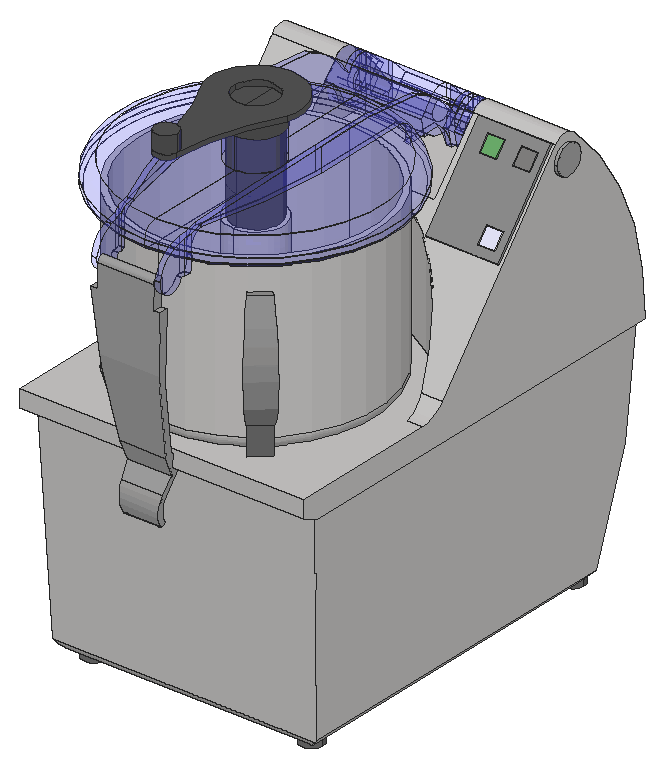
Revit family "QF_DITOSAMA_600445_DK55Y2V", category Specialty Equipment, Revit 2018
Family settings
  Round Connector Dimension = Use Diameter
  Part Type = Normal
  Work Plane-Based = No
  Always vertical = Yes
  Cut with Voids When Loaded = No
  Shared = No
  Room Calculation Point = No
Parameters (values of type "QF_DITO SAMA_600445_DK55Y2V")
  Weight = 22.00 kg
  Watts = 0 W
  Volts = 380 V
  URL Manufacturer = "http://www.ditosama.com"
  URL = "http://www.ditosama.com"
  Steam Supply Size = 0 mm
  Steam Supply Minimum Pressure = 0.0 Pa
  Steam Supply Maximum Pressure = 0.0 Pa
  Steam Pounds per Hour = 0
  Refrigeration Suction Line Size = 0 mm
  Refrigeration Liquid Line Size = 0 mm
  Refrigerant Compressor Remote = yes
  Manufacturer = "Dito Sama"
  Phase = 3
  Model = "DK55Y2V"
  Length Actual = 256.0 mm  # constant formula
  Item Number = "600445"
  Hot Water Size = 0 mm
  Height Actual = 482.0 mm  # constant formula
  HP = "1.3 HP"
  Gas Size = 0 mm
  Gas KW = 0
  Gas Input Pressure = 0 W
  Direct Waste Size = 0 mm
  Description = "CUTTER-MIXER 5.5L-MICROTOOTHED BLADE-2 SPEED-1000W-380-440/3/50-60"
  Depth Actual = 415.0 mm  # constant formula
  Cycle = 60 Hz
  Condensate Return Size = 0 mm
  Compressed Air Volume = 0.0 L/s
  Compressed Air Size = 0 mm
  Compressed Air Pressure = 0.0 Pa
  Cold Water Size = 0 mm
  Accessory = yes
Reference planes
  plane 1 "Center (Front/Back)": y = 0
  plane 2: z = 0
  plane 3 "Center (Left/Right)": x = 0
  plane 4 "BASE": z = 6
  plane 5 "TOP": z = 685
  plane 6 "FRONT": y = -207.5
  plane 7 "BACK": y = 207.5
  plane 8 "LEFT": x = -128
  plane 9 "RIGHT": x = 128
  plane 10 "CenterX": x = -10
  plane 11 "Maniglia": through (-10, -59.177, 4000) normal (0.766, 0.6428, 0)
  plane 12 "Panel": through (4267.2, 107.252, 388.448) normal (0, 0.766, -0.6428)
  plane 13: z = 470
Forms (mm)
  Extrusion 1, solid, material "QF_Finishes_Stainless Steel"
    sketch origin (0, 0, 0) x (0, 1, 0) y (0, 0, 1)
      loop
        arc (155.897, 6) -> (160.37, 10.596) -> (163.359, 16.27) r 22.417
        arc (163.359, 16.27) -> (192.273, 107.896) -> (201.98, 203.483) r 470.678
        line (201.98, 203.483) -> (-161.42, 203.483)
        arc (-161.42, 203.483) -> (-159.547, 108.877) -> (-151.391, 14.604) r 1423.016
        arc (-151.391, 14.604) -> (-146.603, 8.365) -> (-139.103, 6) r 13.076
        line (-139.103, 6) -> (155.897, 6)
    from -128 to 128
  Extrusion 2, void
    sketch origin (0, -207.5, 0) x (-1, 0, 0) y (0, 0, 1)
      loop
        line (128, 203.483) -> (125, 203.483) -> (119.389, 16.27) -> (109.119, 6) -> (128, 6) -> (128, 203.483)
      loop
        line (-128, 203.483) -> (-128, 6) -> (-109.119, 6) -> (-119.389, 16.27) -> (-125, 203.483) -> (-128, 203.483)
    from 14.374 to 435.947
  Extrusion 3, solid, material "QF_Finishes_Stainless Steel"
    sketch origin (0, 0, 0) x (0, 1, 0) y (0, 0, 1)
      loop
        arc (207.5, 203.483) -> (187.745, 305.45) -> (127.203, 389.844) r 242.898
        arc (127.203, 389.844) -> (116.931, 393.38) -> (107.252, 388.448) r 13.902
        line (107.252, 388.448) -> (-20.106, 236.67)
        arc (-20.106, 236.67) -> (-30.264, 228.875) -> (-42.764, 226.104) r 29.578
        line (-42.764, 226.104) -> (-177.764, 226.104) -> (-177.764, 211.104) -> (-161.42, 203.483) -> (207.5, 203.483)
    from -128 to 128
  Extrusion 4, void
    sketch origin (0, -207.5, 0) x (-1, 0, 0) y (0, 0, 1)
      loop
        line (-53.607, 393.414) -> (-53.607, 336.684) -> (71.073, 336.684) -> (71.073, 393.414) -> (-53.607, 393.414)
    from 255.469 to 415
  Revolve 5, solid, material "QF_Plastic-Black"
    sketch origin (-10, 0, 0) x (0, -1, 0) y (0, 0, 1)
      loop
        line (59.177, 450.527) -> (28.516, 450.527) -> (35.424, 443.619) -> (35.424, 430.527) -> (38.194, 430.527) -> (38.194, 356.104) -> (59.177, 356.104) -> (59.177, 450.527)
      axis (59.177, 356.104) -> (59.177, 450.527)
    angle from 0 to 360
  Extrusion 6, solid, material "QF_Plastic-Black"
    sketch origin (0, 0, 0) x (1, 0, 0) y (0, 1, 0)
      loop
        arc (-48.167, -71.147) -> (-28.951, -114.517) -> (-19.956, -161.093) r 210.055
        arc (-19.956, -161.093) -> (-10, -170.155) -> (-0.044, -161.093) r 10
        arc (-0.044, -161.093) -> (8.951, -114.517) -> (28.167, -71.147) r 210.055
        arc (28.167, -71.147) -> (-10, -19.177) -> (-48.167, -71.147) r 40
    from 450.5 to 455
  Extrusion 7, solid, material "QF_Plastic-Black"
    sketch origin (0, 0, 0) x (1, 0, 0) y (0, 1, 0)
      loop
        circle (-10, -160.155) r 10
    from 455 to 470
  Extrusion 8, void
    sketch origin (0, 0, 0) x (1, 0, 0) y (0, 1, 0)
      loop
        circle (-10, -59.177) r 19
    from 427.6 to 472.8
  Extrusion 9, void
    sketch origin (0, 0, 0) x (1, 0, 0) y (0, 1, 0)
      loop
        arc (115, -59.177) -> (-10, 65.823) -> (-135, -59.177) r 125
        line (-135, -59.177) -> (115, -59.177)
    from 226.104 to 336.684
  Extrusion 10, void
    sketch origin (-20, 0, 0) x (-1, 0, 0) y (0, -1, 0)
      loop
        line (16.15, 177.864) -> (16.15, -123.86) -> (35.771, -123.86) -> (35.771, 48.192)
        arc (35.771, 48.192) -> (30.047, 105.502) -> (17.781, 161.776) r 500.876
        line (17.781, 161.776) -> (17.781, 171.776) -> (16.15, 177.864)
      loop
        line (40.771, -123.86) -> (45.852, -123.86) -> (45.852, 210.681) -> (21.15, 210.681) -> (21.15, 178.522) -> (22.781, 172.434) -> (22.781, 162.459)
        arc (22.781, 162.459) -> (35.047, 105.893) -> (40.771, 48.297) r 505.876
        line (40.771, 48.297) -> (40.771, -123.86)
    from 350.345 to 477.521
  Extrusion 11, solid, material "Glass"
    sketch origin (-20, 0, 0) x (0, 1, 0) y (0, 0, -1)
      loop
        line (-173.064, -369.647) -> (-181.303, -369.647)
        arc (-181.303, -369.647) -> (-196.341, -361.818) -> (-205.451, -376.117) r 12.548
        arc (-205.451, -376.117) -> (-199.87, -388.651) -> (-189.058, -397.099) r 28.357
        arc (-189.058, -397.099) -> (-65.868, -423.241) -> (59.99, -418.888) r 518.061
        arc (59.99, -418.888) -> (85.116, -404.522) -> (104.437, -382.973) r 90.696
        arc (104.437, -382.973) -> (113.885, -392.821) -> (127.203, -389.844) r 13.902
        arc (127.203, -389.844) -> (135.322, -382.188) -> (143.082, -374.167) r 242.898
        line (143.082, -374.167) -> (137.378, -368.464)
        arc (137.378, -368.464) -> (123.613, -353.84) -> (104.088, -358.543) r 20
        line (104.088, -358.543) -> (99.34, -358.543)
        arc (99.34, -358.543) -> (94.194, -371.609) -> (85.823, -382.884) r 53.446
        line (85.823, -382.884) -> (50.823, -382.884)
        arc (50.823, -382.884) -> (52.796, -383.701) -> (53.614, -385.674) r 2.79
        line (53.614, -385.674) -> (53.614, -390.892)
        arc (53.614, -390.892) -> (50.154, -399.244) -> (41.802, -402.703) r 11.812
        line (41.802, -402.703) -> (-160.307, -402.703)
        arc (-160.307, -402.703) -> (-168.659, -399.244) -> (-172.119, -390.892) r 11.812
        line (-172.119, -390.892) -> (-172.119, -385.826)
        arc (-172.119, -385.826) -> (-171.728, -384.361) -> (-170.659, -383.285) r 2.942
        line (-170.659, -383.285) -> (-173.064, -369.647)
      loop
        circle (117.901, -373.007) r 9.416
    from 16.15 to 45.852
  Extrusion 12, solid, material "Glass"
    sketch origin (0, 0, 0) x (0, 1, 0) y (0, 0, 1)
      loop
        line (137.378, 368.464) -> (143.082, 374.167)
        arc (143.082, 374.167) -> (135.322, 382.188) -> (127.203, 389.844) r 242.898
        arc (127.203, 389.844) -> (116.931, 393.38) -> (107.252, 388.448) r 13.902
        line (107.252, 388.448) -> (95.766, 374.76)
        arc (95.766, 374.76) -> (97.862, 366.72) -> (99.34, 358.543) r 108.872
        line (99.34, 358.543) -> (104.088, 358.543)
        arc (104.088, 358.543) -> (123.613, 353.84) -> (137.378, 368.464) r 20
      loop
        circle (117.901, 373.007) r 9.416
    from -71.073 to 53.607
  Extrusion 13, solid, material "QF_Finishes_Gray"
    sketch origin (0, 0, 0) x (0, 1, 0) y (0, 0, 1)
      loop
        arc (-182.273, 168.111) -> (-185.377, 178.111) -> (-182.273, 188.111) r 17.658
        line (-182.273, 188.111) -> (-169.592, 207.294) -> (-177.764, 211.104) -> (-177.764, 222.201) -> (-180.378, 224.815)
        arc (-180.378, 224.815) -> (-194.973, 298.318) -> (-196.805, 373.235) r 437.299
        arc (-196.805, 373.235) -> (-201.296, 377.726) -> (-205.788, 373.235) r 4.491
        arc (-205.788, 373.235) -> (-201.07, 296.739) -> (-185.461, 221.705) r 534.528
        line (-185.461, 221.705) -> (-177.764, 203.503) -> (-186.394, 190.943)
        arc (-186.394, 190.943) -> (-190.377, 178.111) -> (-186.394, 165.28) r 22.658
        arc (-186.394, 165.28) -> (-182.917, 164.635) -> (-182.273, 168.111) r 2.5
    from -49.646 to 27.326
  Extrusion 14, void
    sketch origin (0, -207.5, 0) x (-1, 0, 0) y (0, 0, 1)
      loop
        line (-15.15, 396.938) -> (-47.326, 396.938) -> (-47.326, 161.938) -> (-5.366, 161.938) -> (-20.516, 351.652) -> (-15.15, 351.652) -> (-15.15, 396.938)
      loop
        line (26.963, 161.938) -> (77.918, 161.938) -> (77.918, 396.938) -> (35.15, 396.938) -> (35.15, 351.652) -> (42.113, 351.652) -> (26.963, 161.938)
    from 46.08 to -69.339
  Extrusion 15, solid, material "Glass"
    sketch origin (0, 0, 0) x (0, 1, 0) y (0, 0, 1)
      loop
        line (-173.064, 369.647) -> (-170.659, 383.285)
        arc (-170.659, 383.285) -> (-171.728, 384.361) -> (-172.119, 385.826) r 2.942
        line (-172.119, 385.826) -> (-172.119, 390.892)
        arc (-172.119, 390.892) -> (-168.659, 399.244) -> (-160.307, 402.703) r 11.812
        line (-160.307, 402.703) -> (41.802, 402.703)
        arc (41.802, 402.703) -> (50.154, 399.244) -> (53.614, 390.892) r 11.812
        line (53.614, 390.892) -> (53.614, 385.674)
        arc (53.614, 385.674) -> (52.796, 383.701) -> (50.823, 382.884) r 2.79
        line (50.823, 382.884) -> (85.823, 382.884)
        arc (85.823, 382.884) -> (94.194, 371.609) -> (99.34, 358.543) r 53.446
        line (99.34, 358.543) -> (104.088, 358.543)
        arc (104.088, 358.543) -> (123.613, 353.84) -> (137.378, 368.464) r 20
        line (137.378, 368.464) -> (143.082, 374.167)
        arc (143.082, 374.167) -> (135.322, 382.188) -> (127.203, 389.844) r 242.898
        arc (127.203, 389.844) -> (113.885, 392.821) -> (104.437, 382.973) r 13.902
        arc (104.437, 382.973) -> (85.116, 404.522) -> (59.99, 418.888) r 90.696
        arc (59.99, 418.888) -> (-65.868, 423.241) -> (-189.058, 397.099) r 518.061
        arc (-189.058, 397.099) -> (-199.87, 388.651) -> (-205.451, 376.117) r 28.357
        arc (-205.451, 376.117) -> (-196.341, 361.818) -> (-181.303, 369.647) r 12.548
        line (-181.303, 369.647) -> (-173.064, 369.647)
      loop
        circle (117.901, 373.007) r 9.416
    from 16.15 to 45.852
  Extrusion 16, void
    sketch origin (0, 0, 0) x (1, 0, 0) y (0, 1, 0)
      loop
        line (16.15, -177.864) -> (17.781, -171.776) -> (17.781, -161.776)
        arc (17.781, -161.776) -> (30.047, -105.502) -> (35.771, -48.192) r 500.876
        line (35.771, -48.192) -> (35.771, 123.86) -> (16.15, 123.86) -> (16.15, -177.864)
      loop
        line (40.771, 123.86) -> (40.771, -48.297)
        arc (40.771, -48.297) -> (35.047, -105.893) -> (22.781, -162.459) r 505.876
        line (22.781, -162.459) -> (22.781, -172.434) -> (21.15, -178.522) -> (21.15, -210.681) -> (45.852, -210.681) -> (45.852, 123.86) -> (40.771, 123.86)
    from 350.345 to 477.521
  Revolve 17, solid, material "Glass"
    sketch origin (-10, 0, -40) x (0, -1, 0) y (0, 0, 1)
      loop
        line (38.194, 422.884) -> (38.194, 470.527) -> (35.424, 470.527) -> (35.424, 442.703) -> (-53.802, 442.703)
        arc (-53.802, 442.703) -> (-62.213, 439.268) -> (-65.732, 430.892) r 11.871
        line (-65.732, 430.892) -> (-65.732, 425.793)
        arc (-65.732, 425.793) -> (-64.88, 423.736) -> (-62.823, 422.884) r 2.909
        line (-62.823, 422.884) -> (38.194, 422.884)
      axis (59.177, 422.884) -> (59.177, 470.527)
    angle from 0 to 360
  Revolve 18, solid, material "QF_Metal-Stainless-Polished"
    sketch origin (-10, 0, 0) x (0, -1, 0) y (0, 0, 1)
      loop
        line (169.177, 382.884) -> (164.177, 382.884) -> (164.177, 237.884)
        arc (164.177, 237.884) -> (162.191, 233.09) -> (157.397, 231.104) r 6.78
        line (157.397, 231.104) -> (84.177, 231.104) -> (84.177, 356.104) -> (79.177, 356.104) -> (79.177, 226.104) -> (157.397, 226.104)
        arc (157.397, 226.104) -> (165.726, 229.554) -> (169.177, 237.884) r 11.78
        line (169.177, 237.884) -> (169.177, 382.884)
      axis (59.177, 382.884) -> (59.177, 226.104)
    angle from 0 to 360
  Extrusion 19, solid, material "QF_Plastic-Gray-Matte"
    sketch origin (-49.423, -13.925, 0) x (0.634002, 0.773331, 0) y (-0.773331, 0.634002, 0)
      loop
        line (-55.497, -222.333) -> (-26.468, -227.794) -> (-20.635, -161.119)
        arc (-20.635, -161.119) -> (-28.727, -159.898) -> (-36.729, -158.185) r 133.529
        line (-36.729, -158.185) -> (-55.497, -222.333)
    from 226.104 to 356.104
  Revolve 20, void
    sketch origin (-35.007, -29.374, 0) x (-0.642788, 0.766044, 0) y (0, 0, 1)
      loop
        arc (-155.215, 337.579) -> (-171.344, 302.579) -> (-155.215, 267.579) r 46.04
        line (-155.215, 267.579) -> (-147.754, 267.579) -> (-147.754, 337.579) -> (-155.215, 337.579)
      loop
        line (-155.215, 356.104) -> (-147.754, 356.104) -> (-147.754, 361.761) -> (-215.215, 361.761) -> (-215.215, 226.104) -> (-147.754, 226.104) -> (-147.754, 256.485) -> (-163.93, 256.485)
        arc (-163.93, 256.485) -> (-184.453, 308.471) -> (-155.215, 356.104) r 62.537
      axis (10, 361.761) -> (10, 226.104)
    angle from -8.217 to 8.652
  Extrusion 21, solid, material "QF_Finishes_Rubber Black"
    sketch origin (0, 0, 0) x (1, 0, 0) y (0, 1, 0)
      loop
        arc (57.446, -154.071) -> (64.931, -148.135) -> (72.061, -141.775) r 165.215
        line (72.061, -141.775) -> (66.401, -136.116)
        arc (66.401, -136.116) -> (59.824, -141.977) -> (52.928, -147.46) r 157.215
        line (52.928, -147.46) -> (57.446, -154.071)
    from 226.104 to 256.485
  Extrusion 22, solid, material "QF_Plastic-Gray-Matte"
    sketch origin (0, -128.336, 107.686) x (0, 0.642788, 0.766044) y (1, 0, 0)
      loop
        line (366.07, 59.066) -> (366.07, 124.8) -> (272.743, 124.8) -> (272.743, 59.066) -> (366.07, 59.066)
      loop
        line (356.63, 102.599) -> (356.63, 117.599) -> (341.63, 117.599) -> (341.63, 102.599) -> (356.63, 102.599)
      loop
        line (295.63, 102.599) -> (295.63, 117.599) -> (280.63, 117.599) -> (280.63, 102.599) -> (295.63, 102.599)
      loop
        line (356.63, 72.599) -> (356.63, 87.599) -> (341.63, 87.599) -> (341.63, 72.599) -> (356.63, 72.599)
    from -1 to 0.6
  Extrusion 23, solid, material "QF_Finishes_Red"
    sketch origin (0, -128.336, 107.686) x (0, 0.642788, 0.766044) y (1, 0, 0)
      loop
        line (356.63, 102.599) -> (356.63, 117.599) -> (341.63, 117.599) -> (341.63, 102.599) -> (356.63, 102.599)
    from -1 to 0.6
  Extrusion 24, solid, material "QF_Finishes_Green"
    sketch origin (-27.396, -127.834, 108.284) x (0, 0.642788, 0.766044) y (1, 0, 0)
      loop
        line (355.85, 99.994) -> (355.85, 114.994) -> (340.786, 114.994) -> (340.786, 99.994) -> (355.85, 99.994)
    from -1 to 0.6
  Extrusion 25, solid, material "QF_Plastic-White-Matte"
    sketch origin (0, -167.546, 60.958) x (0, 0.642788, 0.766044) y (1, 0, 0)
      loop
        line (356.63, 102.599) -> (356.63, 117.599) -> (341.63, 117.599) -> (341.63, 102.599) -> (356.63, 102.599)
    from -1 to 0.6
  Extrusion 26, solid, material "QF_Finishes_Stainless Steel"
    sketch origin (0, 207.5, 0) x (-1, 0, 0) y (0, 0, 1)
      loop
        circle (0, 202) r 10.353
    from -6.2 to 3
  Revolve 27, solid, material "QF_Door-Drawer Clearances", detail levels coarse
    sketch origin (-10, -221.856, 479.549) x (0, 0, 1) y (0, 1, 0)
      loop
        line (59.177, 490.527) -> (28.516, 490.527) -> (35.424, 483.619) -> (35.424, 470.527) -> (38.194, 470.527) -> (38.194, 442.703) -> (59.177, 442.703) -> (59.177, 490.527)
      axis (59.177, 442.703) -> (59.177, 490.527)
    angle from 0 to 360
  Extrusion 28, solid, material "QF_Door-Drawer Clearances", detail levels coarse
    sketch origin (0, -221.856, 479.549) x (1, 0, 0) y (0, 0, -1)
      loop
        arc (-48.167, -71.147) -> (-28.951, -114.517) -> (-19.956, -161.093) r 210.055
        arc (-19.956, -161.093) -> (-10, -170.155) -> (-0.044, -161.093) r 10
        arc (-0.044, -161.093) -> (8.951, -114.517) -> (28.167, -71.147) r 210.055
        arc (28.167, -71.147) -> (-10, -19.177) -> (-48.167, -71.147) r 40
    from 490.527 to 495.013
  Extrusion 29, solid, material "QF_Door-Drawer Clearances", detail levels coarse
    sketch origin (0, -221.856, 479.549) x (1, 0, 0) y (0, 0, -1)
      loop
        circle (-10, -160.155) r 10
    from 495.013 to 510.592
  Extrusion 30, void
    sketch origin (-20, -221.856, 479.359) x (-1, 0, 0) y (0, 0, 1)
      loop
        line (16.15, 177.864) -> (16.15, -123.86) -> (35.771, -123.86) -> (35.771, 48.192)
        arc (35.771, 48.192) -> (30.047, 105.502) -> (17.781, 161.776) r 500.876
        line (17.781, 161.776) -> (17.781, 171.776) -> (16.15, 177.864)
      loop
        line (40.771, -123.86) -> (45.852, -123.86) -> (45.852, 210.681) -> (21.15, 210.681) -> (21.15, 178.522) -> (22.781, 172.434) -> (22.781, 162.459)
        arc (22.781, 162.459) -> (35.047, 105.893) -> (40.771, 48.297) r 505.876
        line (40.771, 48.297) -> (40.771, -123.86)
    from 350.345 to 477.521
  Extrusion 31, solid, material "QF_Door-Drawer Clearances", detail levels coarse
    sketch origin (-20, -221.856, 479.359) x (0, 0, -1) y (0, -1, 0)
      loop
        line (-173.064, -409.647) -> (-181.303, -409.647)
        arc (-181.303, -409.647) -> (-196.341, -401.818) -> (-205.451, -416.117) r 12.548
        arc (-205.451, -416.117) -> (-199.87, -428.651) -> (-189.058, -437.099) r 28.357
        arc (-189.058, -437.099) -> (-65.868, -463.241) -> (59.99, -458.888) r 518.061
        arc (59.99, -458.888) -> (92.246, -438.11) -> (113.023, -405.855) r 90.696
        arc (113.023, -405.855) -> (114.903, -399.662) -> (115.972, -393.28) r 50.278
        arc (115.972, -393.28) -> (121.968, -392.806) -> (127.203, -389.844) r 13.902
        arc (127.203, -389.844) -> (129.309, -387.924) -> (131.393, -385.98) r 242.898
        arc (131.393, -385.98) -> (114.739, -373.307) -> (99.238, -359.247) r 242.898
        arc (99.238, -359.247) -> (87.934, -393.903) -> (65.823, -422.884) r 108.872
        line (65.823, -422.884) -> (50.823, -422.884)
        arc (50.823, -422.884) -> (52.796, -423.701) -> (53.614, -425.674) r 2.79
        line (53.614, -425.674) -> (53.614, -430.892)
        arc (53.614, -430.892) -> (50.154, -439.244) -> (41.802, -442.703) r 11.812
        line (41.802, -442.703) -> (-160.307, -442.703)
        arc (-160.307, -442.703) -> (-168.659, -439.244) -> (-172.119, -430.892) r 11.812
        line (-172.119, -430.892) -> (-172.119, -425.826)
        arc (-172.119, -425.826) -> (-171.728, -424.361) -> (-170.659, -423.285) r 2.942
        line (-170.659, -423.285) -> (-173.064, -409.647)
    from 16.15 to 45.852
  Extrusion 32, void
    sketch origin (0, -221.856, 479.359) x (1, 0, 0) y (0, 0, -1)
      loop
        line (16.15, -177.864) -> (17.781, -171.776) -> (17.781, -161.776)
        arc (17.781, -161.776) -> (30.047, -105.502) -> (35.771, -48.192) r 500.876
        line (35.771, -48.192) -> (35.771, 123.86) -> (16.15, 123.86) -> (16.15, -177.864)
      loop
        line (40.771, 123.86) -> (40.771, -48.297)
        arc (40.771, -48.297) -> (35.047, -105.893) -> (22.781, -162.459) r 505.876
        line (22.781, -162.459) -> (22.781, -172.434) -> (21.15, -178.522) -> (21.15, -210.681) -> (45.852, -210.681) -> (45.852, 123.86) -> (40.771, 123.86)
    from 350.345 to 477.521
  Extrusion 33, solid, material "QF_Door-Drawer Clearances", detail levels coarse
    sketch origin (0, -221.856, 479.359) x (0, 0, -1) y (0, 1, 0)
      loop
        line (-173.064, 409.647) -> (-170.659, 423.285)
        arc (-170.659, 423.285) -> (-171.728, 424.361) -> (-172.119, 425.826) r 2.942
        line (-172.119, 425.826) -> (-172.119, 430.892)
        arc (-172.119, 430.892) -> (-168.659, 439.244) -> (-160.307, 442.703) r 11.812
        line (-160.307, 442.703) -> (41.802, 442.703)
        arc (41.802, 442.703) -> (50.154, 439.244) -> (53.614, 430.892) r 11.812
        line (53.614, 430.892) -> (53.614, 425.674)
        arc (53.614, 425.674) -> (52.796, 423.701) -> (50.823, 422.884) r 2.79
        line (50.823, 422.884) -> (65.823, 422.884)
        arc (65.823, 422.884) -> (87.934, 393.903) -> (99.238, 359.247) r 108.872
        arc (99.238, 359.247) -> (114.739, 373.307) -> (131.393, 385.98) r 242.898
        arc (131.393, 385.98) -> (129.309, 387.924) -> (127.203, 389.844) r 242.898
        arc (127.203, 389.844) -> (121.968, 392.806) -> (115.972, 393.28) r 13.902
        arc (115.972, 393.28) -> (114.903, 399.662) -> (113.023, 405.855) r 50.278
        arc (113.023, 405.855) -> (92.246, 438.11) -> (59.99, 458.888) r 90.696
        arc (59.99, 458.888) -> (-65.868, 463.241) -> (-189.058, 437.099) r 518.061
        arc (-189.058, 437.099) -> (-199.87, 428.651) -> (-205.451, 416.117) r 28.357
        arc (-205.451, 416.117) -> (-196.341, 401.818) -> (-181.303, 409.647) r 12.548
        line (-181.303, 409.647) -> (-173.064, 409.647)
    from 16.15 to 45.852
  Revolve 34, solid, material "QF_Door-Drawer Clearances", detail levels coarse
    sketch origin (-10, -221.856, 479.549) x (0, 0, 1) y (0, 1, 0)
      loop
        line (38.194, 422.884) -> (38.194, 470.527) -> (35.424, 470.527) -> (35.424, 442.703) -> (-53.802, 442.703)
        arc (-53.802, 442.703) -> (-62.213, 439.268) -> (-65.732, 430.892) r 11.871
        line (-65.732, 430.892) -> (-65.732, 425.793)
        arc (-65.732, 425.793) -> (-64.88, 423.736) -> (-62.823, 422.884) r 2.909
        line (-62.823, 422.884) -> (38.194, 422.884)
      axis (59.177, 422.884) -> (59.177, 470.527)
    angle from 0 to 360
  Extrusion 35, solid, material "QF_Finishes_Rubber Black"
    sketch origin (0, 0, 0) x (1, 0, 0) y (0, 1, 0)
      loop
        circle (-98.592, 163.359) r 10
      loop
        circle (-98.592, -131.641) r 10
      loop
        circle (98.592, 163.359) r 10
      loop
        circle (98.592, -131.641) r 10
    from 0 to 6
  Extrusion 36, solid, material "QF_Finishes_Gray"
    sketch origin (0, 0, 0) x (0, 1, 0) y (0, 0, 1)
      loop
        circle (117.901, 373.007) r 13.005
    from 131.516 to 128
  Extrusion 37, solid, material "QF_Finishes_Gray"
    sketch origin (0, 0, 0) x (0, 1, 0) y (0, 0, -1)
      loop
        circle (117.901, -373.007) r 13.005
    from 131.516 to 128
Cuts and joins
  Extrusion 2, Extrusion 8, Extrusion 9 cuts Extrusion 1
  Extrusion 4, Extrusion 9 cuts Extrusion 3
  Extrusion 8 cuts Extrusion 6
  Extrusion 10, Extrusion 16, Extrusion 30, Extrusion 32 cuts Extrusion 11
  Extrusion 14, Extrusion 16, Extrusion 30 cuts Extrusion 13
  Extrusion 16, Extrusion 30, Extrusion 32 cuts Extrusion 12
  Extrusion 16 cuts Extrusion 15
  Revolve 20 cuts Extrusion 19
  Extrusion 30 cuts Revolve 17
  Extrusion 30 cuts Revolve 18
  Extrusion 30, Extrusion 32 cuts Extrusion 31
  Extrusion 32 cuts Extrusion 33
Lines and regions (mm)
  symbolic lines
    curve 1: arc (-10, -172.155, 0) -> (3.999, -171.284, 0) -> (17.781, -168.686, 0) r 112.979
    curve 2: arc (-10, -184.085, 0) -> (-23.148, -183.391, 0) -> (-36.15, -181.317, 0) r 124.909
    curve 3: line (128, -157.764, 0) -> (128, 187.57, 0)
    curve 4: line (124.8, 106.204, 0) -> (59.066, 106.204, 0)
    curve 5: line (102.599, 90.494, 0) -> (117.599, 90.494, 0)
    curve 6: line (117.599, 62.151, 0) -> (102.599, 62.151, 0)
    curve 7: line (102.599, 51.284, 0) -> (117.599, 51.284, 0)
    curve 8: line (102.599, 62.151, 0) -> (102.599, 51.284, 0)
    curve 9: line (117.599, 51.284, 0) -> (117.599, 62.151, 0)
    curve 10: line (117.599, 90.494, 0) -> (117.599, 101.361, 0)
    curve 11: line (102.599, 101.361, 0) -> (102.599, 90.494, 0)
    curve 12: arc (-0.044, -161.093, 0) -> (8.951, -114.517, 0) -> (28.167, -71.147, 0) r 210.055
    curve 13: arc (28.167, -71.147, 0) -> (-10, -19.177, 0) -> (-48.167, -71.147, 0) r 40
    curve 14: arc (-48.167, -71.147, 0) -> (-28.951, -114.517, 0) -> (-19.956, -161.093, 0) r 210.055
    curve 15: arc (-19.956, -161.093, 0) -> (-10, -170.155, 0) -> (-0.044, -161.093, 0) r 10
    curve 16: arc (0, -160.155, 0) -> (-10, -150.155, 0) -> (-20, -160.155, 0) r 10
    curve 17: arc (-55.771, -48.192, 0) -> (-50.047, -105.502, 0) -> (-37.781, -161.776, 0) r 500.876
    curve 18: arc (-42.781, -162.459, 0) -> (-55.047, -105.893, 0) -> (-60.771, -48.297, 0) r 505.876
    curve 19: line (-55.771, 123.86, 0) -> (-55.771, -48.192, 0)
    curve 20: line (-60.771, -48.297, 0) -> (-60.771, 123.86, 0)
    curve 21: line (40.771, 123.86, 0) -> (40.771, -48.297, 0)
    curve 22: line (35.771, -48.192, 0) -> (35.771, 123.86, 0)
    curve 23: arc (40.771, -48.297, 0) -> (35.047, -105.893, 0) -> (22.781, -162.459, 0) r 505.876
    curve 24: arc (17.781, -161.776, 0) -> (30.047, -105.502, 0) -> (35.771, -48.192, 0) r 500.876
    curve 25: line (22.781, -162.459, 0) -> (22.781, -172.434, 0)
    curve 26: line (17.781, -171.776, 0) -> (17.781, -161.776, 0)
    curve 27: line (16.15, -177.864, 0) -> (17.781, -171.776, 0)
    curve 28: line (22.781, -172.434, 0) -> (21.15, -178.522, 0)
    curve 29: line (21.15, -178.522, 0) -> (21.15, -205.641, 0)
    curve 30: line (-37.781, -161.776, 0) -> (-37.781, -171.776, 0)
    curve 31: line (-42.781, -172.434, 0) -> (-42.781, -162.459, 0)
    curve 32: line (-41.15, -178.522, 0) -> (-42.781, -172.434, 0)
    curve 33: line (-37.781, -171.776, 0) -> (-36.15, -177.864, 0)
    curve 34: line (-41.15, -205.641, 0) -> (-41.15, -178.522, 0)
    curve 35: spline (22.008, -197.61, 0) -> (21.937, -197.617, 0) -> (21.865, -197.622, 0) -> (21.794, -197.626, 0) -> (21.722, -197.627, 0) -> (21.651, -197.627, 0) -> (21.579, -197.625, 0) -> (21.508, -197.621, 0) -> (21.436, -197.615, 0) -> (21.365, -197.608, 0) -> (21.293, -197.598, 0) -> (21.222, -197.587, 0) -> (21.15, -197.574, 0)
    curve 36: line (-71.073, 171.51, 0) -> (53.607, 171.51, 0)
    curve 37: line (59.066, 46.214, 0) -> (124.8, 46.214, 0)
    curve 38: line (59.066, 106.204, 0) -> (59.066, 46.214, 0)
    curve 39: line (124.8, 46.214, 0) -> (124.8, 107.429, 0)
    curve 40: line (53.607, 48.324, 0) -> (53.607, 171.51, 0)
    curve 41: line (-71.073, 171.51, 0) -> (-71.073, 49.783, 0)
    curve 42: arc (40.771, 54.948, 0) -> (114.476, -69.566, 0) -> (21.15, -180.138, 0) r 124.909
    curve 43: arc (-60.771, 41.751, 0) -> (-122.562, -68.863, 0) -> (-42.781, -167.295, 0) r 112.979
    curve 44: line (93.154, -162.392, 0) -> (78.293, -147.531, 0)
    curve 45: line (93.154, -162.392, 0) -> (74.048, -178.424, 0)
    curve 46: line (74.048, -178.424, 0) -> (61.96, -161.274, 0)
    curve 47: arc (-37.781, -168.686, 0) -> (-23.999, -171.284, 0) -> (-10, -172.155, 0) r 112.979
    curve 48: arc (-41.15, -180.138, 0) -> (-94.625, -151.05, 0) -> (-128, -100.142, 0) r 124.909
    curve 49: arc (22.781, -167.295, 0) -> (102.562, -68.863, 0) -> (40.771, 41.751, 0) r 112.979
    curve 50: arc (16.15, -181.317, 0) -> (3.148, -183.391, 0) -> (-10, -184.085, 0) r 124.909
    curve 51: line (16.15, -205.242, 0) -> (16.15, -177.864, 0)
    curve 52: line (-36.15, -205.641, 0) -> (-36.15, -177.864, 0)
    curve 53: line (-41.15, -205.641, 0) -> (21.15, -205.641, 0)
    curve 54: line (22.008, -205.53, 0) -> (22.008, -197.61, 0)
    curve 55: line (22.008, -205.53, 0) -> (21.15, -205.53, 0)
    curve 56: spline (-42.008, -197.61, 0) -> (-41.937, -197.617, 0) -> (-41.865, -197.622, 0) -> (-41.794, -197.626, 0) -> (-41.722, -197.627, 0) -> (-41.651, -197.627, 0) -> (-41.579, -197.625, 0) -> (-41.508, -197.621, 0) -> (-41.436, -197.615, 0) -> (-41.365, -197.608, 0) -> (-41.293, -197.598, 0) -> (-41.222, -197.587, 0) -> (-41.15, -197.574, 0)
    curve 57: line (-42.008, -205.53, 0) -> (-42.008, -197.61, 0)
    curve 58: line (-42.008, -205.53, 0) -> (-41.15, -205.53, 0)
    curve 59: arc (-128, -18.211, 0) -> (-101.973, 25.34, 0) -> (-60.771, 54.948, 0) r 124.909
    curve 60: arc (-128, -100.142, 0) -> (-134.909, -59.177, 0) -> (-128, -18.211, 0) r 124.909
    curve 61: line (-108, -177.764, 0) -> (-49.233, -177.764, 0)
    curve 62: line (-128, 187.57, 0) -> (-128, -17.764, 0)
    curve 63: line (29.233, -177.764, 0) -> (108, -177.764, 0)
    curve 64: line (-128, -97.764, 0) -> (-128, -157.764, 0)
    curve 65: line (-108, 207.57, 0) -> (108, 207.57, 0)
    curve 66: arc (-128, -157.764, 0) -> (-122.142, -171.906, 0) -> (-108, -177.764, 0) r 20
    curve 67: arc (108, -177.764, 0) -> (122.142, -171.906, 0) -> (128, -157.764, 0) r 20
    curve 68: arc (128, 187.57, 0) -> (122.142, 201.713, 0) -> (108, 207.57, 0) r 20
    curve 69: arc (-108, 207.57, 0) -> (-122.142, 201.713, 0) -> (-128, 187.57, 0) r 20
    curve 70: line (45.852, 123.86, 0) -> (-71.073, 123.86, 0)
    curve 71: line (45.852, 137.378, 0) -> (-65.852, 137.378, 0)
    curve 72: line (45.852, 143.082, 0) -> (-65.852, 143.082, 0)
    curve 73: line (53.607, 123.86, 0) -> (45.852, 123.86, 0)
    curve 74: line (45.852, 123.86, 0) -> (45.852, 170.216, 0)
    curve 75: line (45.852, 170.216, 0) -> (-65.852, 170.216, 0)
    curve 76: line (-65.852, 170.216, 0) -> (-65.852, 123.86, 0)
    curve 77: line (102.599, 101.361, 0) -> (117.599, 101.361, 0)
    curve 78: line (72.599, 90.494, 0) -> (87.599, 90.494, 0)
    curve 79: line (87.599, 90.494, 0) -> (87.599, 101.361, 0)
    curve 80: line (72.599, 101.361, 0) -> (72.599, 90.494, 0)
    curve 81: line (72.599, 101.361, 0) -> (87.599, 101.361, 0)
Dimensions and locks
  plane 4 "BASE" to level = 6.0 mm
  plane 5 "TOP" to level = 685.0 mm  (x2)
  plane 8 "LEFT" to plane 3 "Center (Left/Right)" to plane 9 "RIGHT" = 128.0 mm, 128.0 mm
  plane 7 "BACK" to plane 1 "Center (Front/Back)" to plane 6 "FRONT" = 207.5 mm, 207.5 mm
  plane 7 "BACK" to plane 6 "FRONT" = 415.0 mm
  plane 8 "LEFT" to plane 9 "RIGHT" = 256.0 mm
  plane 10 "CenterX" to plane 3 "Center (Left/Right)" = 10.0 mm
  plane 13 to level = 470.0 mm
  aligned and locked: level to plane 2
  aligned and locked: Extrusion 22 sketch curve to Extrusion 23
Connectors
  electrical at (0, 210.5, 202)
    settings: on Extrusion 26, index 1, voltage 0 V, apparent load 0 VA, apparent load phase1 0 VA, apparent load phase2 0 VA, apparent load phase3 0 VA, power factor 1, load classification "Other", number of poles 1, system type 30, power factor state 1, is connector primary yes, connector utility no, sub classification motor no, connector description "Electrical connection"
